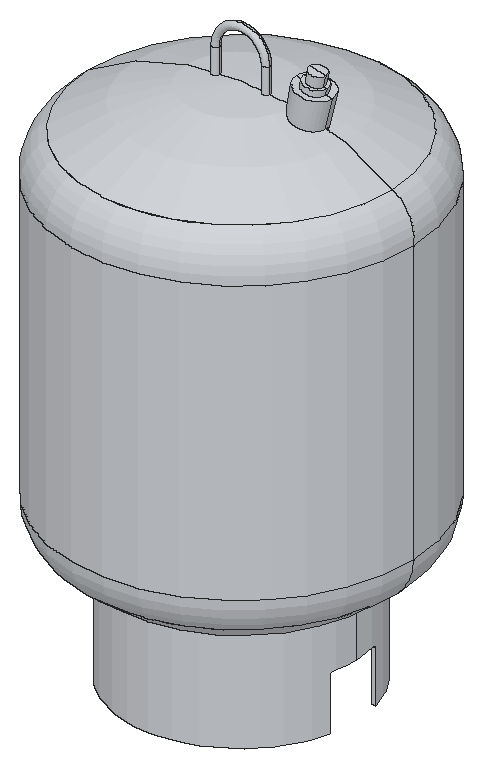
Revit family
Parameters (values of type "ST-200-L 150# W.P. 10 BAR")
  Weight = "198 lbs"
  Tank Volume = "53 Gal"
  Tank Height/Length = 36.969"
  Tank Diameter = 24.000"
  Side Lifting Ring Location = Shell Length / 2  # 9.2815"
  Shell Length = 18.563"
  Pipe Connector Diameter = Pipe Connection Radius * 2  # 1.000"
  Pipe Connection Radius = 0.500"
  Model = "ST-200-L"
  Maximum Acceptance Volume = "27 Gal"
  Max Operating Temp = "240 DEG F"
  Max Operating Pressure = "150 PSI"
  Manufacturer = "Amtrol"
  Lifting Ring Location = 3.500" / 2  # 1.750"
  Floor to Elbow Centerline = 2.000"
  Floor to Bottom of Tank = 4.000"
  Bladder/Diaphragm = "Bladder"
  ASME = yes
Types (5): name | Weight | Tank Volume | Tank Height/Length | Side Lifting Ring Location | Shell Length | Model | Maximum Acceptance Volume
  (no name) | "198 lbs" | "53 Gal" | 36.969" | 9.2815" | 18.563" | "ST-200-L" | "27 Gal"
  ST-200-L 150# W.P. 10 BAR | "198 lbs" | "53 Gal" | 36.969" | 9.2815" | 18.563" | "ST-200-L" | "27 Gal"
  ST-300-L 150# W.P. 10 BAR | "236 lbs" | "80 Gal" | 52.500" | 16.250" | 32.500" | "ST-300-L" | "27 Gal"
  ST-400-L 150# W.P. 10 BAR | "282 lbs" | "106 Gal" | 65.125" | 23.219" | 46.438" | "ST-400-L" | "53 Gal"
  ST-500-L 150# W.P. 10 BAR | "282 lbs" | "132 Gal" | 78.938" | 30.000" | 60.000" | "ST-500-L" | "53 Gal"
Reference planes (in)
  plane 1 "Center (Front/Back)": y = 0
  plane 2: z = 0
  plane 3 "Center (Left/Right)": x = 0
Forms (in)
  Revolve 1, solid
    sketch origin (0, 0, 0) x (1, 0, 0) y (0, 0, 1)
      loop
        line (-8, 0) -> (-7.75, 0) -> (-7.75, 7.44707) -> (-8, 7.44707) -> (-8, 0)
      axis (0, 0) -> (0, 7.44707)
    angle from 0 to 360
  Revolve 2, solid
    sketch origin (0, 0, 0) x (1, 0, 0) y (0, 0, 1)
      loop
        line (0.6492, 3.3675) -> (0.6492, 4.19707) -> (0, 4.19707) -> (0, 3.3675) -> (0.6492, 3.3675)
      axis (0, 3.3675) -> (0, 4.19707)
    angle from 0 to 360
  Extrusion 3, void
    sketch origin (0, 0, 0) x (0, 1, 0) y (0, 0, 1)
      loop
        line (0, 3.82981) -> (-1.75, 3.82981)
        arc (-1.75, 3.82981) -> (-1.92678, 3.75658) -> (-2, 3.57981) r 0.25
        line (-2, 3.57981) -> (-2, -0.1984) -> (2, -0.1984) -> (2, 3.57981)
        arc (2, 3.57981) -> (1.92678, 3.75658) -> (1.75, 3.82981) r 0.25
        line (1.75, 3.82981) -> (0, 3.82981)
    from 3.88729 to 12
  Sweep 4, solid
    path origin (0, 0, 0) x (1, 0, 0) y (0, 0, 1)
      loop
        line (0, 3.5) -> (0, 3.198)
        arc (0, 3.198) -> (0.35089, 2.35089) -> (1.198, 2) r 1.198
        line (1.198, 2) -> (1.5, 2)
    profile origin (0, 0, 3.349) x (0, -1, 0) y (1, 0, 0)
      loop
        circle (0, 0) r 1
  Revolve 5, solid
    sketch origin (0, 0, 0) x (1, 0, 0) y (0, 0, 1)
      loop
        line (0, 2.813) -> (0.65074, 2.813) -> (0.65074, 4.313) -> (0, 4.313) -> (0, 2.813)
      axis (0, 2.813) -> (0, 4.313)
    angle from 0 to 360
  Revolve 6, solid
    sketch origin (0, 0, 0) x (1, 0, 0) y (0, 0, 1)
      loop
        line (5.96437, 38.55276) -> (5.7183, 38.59615) -> (5.89974, 39.32387) -> (5.33906, 39.46367) -> (4.53454, 35.86226) -> (5.73583, 35.65044) -> (6.34064, 38.07618) -> (5.89421, 38.1549) -> (5.96437, 38.55276)
      axis (4.53454, 35.86226) -> (5.33906, 39.46367)
    angle from 0 to 360
  Sweep 7, solid
    path origin (0.0517, 0, 0.58905) x (1, 0, 0) y (0, 0, 1)
      loop
        line (-1.8017, 36.25051) -> (-1.8017, 38.00051)
        arc (-1.8017, 38.00051) -> (-0.0517, 39.75051) -> (1.6983, 38.00051) r 1.75
        line (1.6983, 38.00051) -> (1.6983, 36.25051)
    profile origin (-1.75, 0, 37.71457) x (-1, 0, 0) y (0, -1, 0)
      loop
        circle (0, 0) r 0.25
  Revolve 8, solid
    sketch origin (0, 0, 0) x (1, 0, 0) y (0, 0, 1)
      loop
        arc (12, 30.95366) -> (11.68437, 32.63964) -> (10.55443, 33.93013) r 3.25
        arc (10.55443, 33.93013) -> (5.51015, 36.25858) -> (0, 36.969) r 18.33177
        line (0, 36.969) -> (0, 4) -> (4.98897, 4) -> (4.98897, 4.49999) -> (4.4445, 4.49999) -> (4.4445, 4.6875) -> (4.98897, 4.6875) -> (4.98897, 5.87292)
        arc (4.98897, 5.87292) -> (5.12168, 5.92789) -> (5.17665, 6.06061) r 0.18768
        arc (5.17665, 6.06061) -> (8.25561, 7.15646) -> (10.94007, 9.02046) r 12.36901
        arc (10.94007, 9.02046) -> (11.72323, 10.10933) -> (12, 11.42173) r 3.25
        line (12, 11.42173) -> (12, 30.95366)
      axis (0, 4) -> (0, 36.969)
    angle from 0 to 360
  Sweep 9, solid
    path origin (0, 0, 0) x (1, 0, 0) y (0, 0, 1)
      loop
        line (-11.93631, 23.42216) -> (-12.93631, 23.42216)
        arc (-12.93631, 23.42216) -> (-14.68631, 21.67216) -> (-12.93631, 19.92216) r 1.75
        line (-12.93631, 19.92216) -> (-11.93631, 19.92216)
    profile origin (-12.43631, 0, 23.42216) x (0, 0, -1) y (0, -1, 0)
      loop
        circle (0, 0) r 0.25
Cuts and joins
  Extrusion 3 cuts Revolve 1
  Extrusion 3 cuts Revolve 2
Dimensions and locks (in)
  "Floor to Elbow Centerline": Sweep 4 sketch curve to cut or joined group of Revolve 1, Extrusion 3
  "Floor to Bottom of Tank": Revolve 8 sketch curve to cut or joined group of Revolve 1, Extrusion 3
  "Tank Height/Length": Revolve 8 sketch curve to level
  Revolve 8 sketch curve to Revolve 8 sketch curve = 15.08177"
  Revolve 6 sketch curve to Revolve 8 = 4.69679"
  Revolve 6 sketch curve to Revolve 8 = 4.90861"
  Revolve 6 sketch curve to Revolve 6 sketch curve = 2.49391"
  Revolve 6 sketch curve to Revolve 6 sketch curve = 2.89791"
  Revolve 6 sketch curve to Revolve 6 sketch curve = 3.64608"
  "Lifting Ring Location": plane 3 "Center (Left/Right)" to Sweep 7 sketch curve
  Sweep 7 sketch curve to Revolve 8 = 5.88591"  (x2)
  "Side Lifting Ring Location": Revolve 8 to Sweep 9 sketch curve
  radius of Revolve 8 sketch curve = 18.33177"
  radius of Revolve 8 sketch curve = 3.250"
  aligned and locked: import instance to plane 3 "Center (Left/Right)"
  aligned and locked: import instance to plane 1 "Center (Front/Back)"
Automatic sketch dimensions
  Revolve 2 sketch curve to plane 3 "Center (Left/Right)" = 0.000"  (x2)
  plane 3 "Center (Left/Right)" to Revolve 2 sketch curve = 0.6492"
  level to Revolve 2 sketch curve = 3.3675"
  Revolve 2 sketch curve to Revolve 2 sketch curve = 0.000"
  Revolve 2 sketch curve to Revolve 2 sketch curve = 0.82957"
  Revolve 2 sketch curve to Revolve 2 sketch curve = 1.25068"
  Sweep 4 sketch curve to plane 3 "Center (Left/Right)" = 0.000"
  Sweep 4 sketch curve to Sweep 4 sketch curve = 1.198"
  Sweep 4 sketch curve to Sweep 4 sketch curve = 0.302"  (x2)
  plane 1 "Center (Front/Back)" to Sweep 4 sketch curve = 0.000"
  Sweep 4 sketch curve to profile plane = 0.000"
  Revolve 5 sketch curve to plane 3 "Center (Left/Right)" = 0.000"  (x2)
  plane 3 "Center (Left/Right)" to Revolve 5 sketch curve = 0.65074"
  level to Revolve 5 sketch curve = 2.813"
  Revolve 5 sketch curve to Revolve 5 sketch curve = 0.000"
  Revolve 5 sketch curve to Revolve 5 sketch curve = 1.500"
  Revolve 5 sketch curve to Revolve 5 sketch curve = 0.500"
  plane 3 "Center (Left/Right)" to Sweep 7 sketch curve = 0.000"
  Sweep 7 sketch curve to Sweep 7 sketch curve = 1.750"
  plane 1 "Center (Front/Back)" to Sweep 7 sketch curve = 0.000"
  Sweep 7 sketch curve to profile plane = 0.000"
  Revolve 1 sketch curve to level = 0.000"  (x2)
  Revolve 1 sketch curve to plane 3 "Center (Left/Right)" = 0.000"
  Revolve 1 sketch curve to plane 3 "Center (Left/Right)" = 7.750"
  Revolve 1 sketch curve to Revolve 1 sketch curve = 0.250"
  level to Revolve 1 sketch curve = 7.44707"
  Revolve 1 sketch curve to Revolve 1 sketch curve = 1.05293"
  Revolve 8 sketch curve to plane 3 "Center (Left/Right)" = 0.000"  (x2)
  plane 3 "Center (Left/Right)" to Revolve 8 sketch curve = 0.43805"
  Revolve 8 sketch curve to Revolve 8 sketch curve = 2.16694"
  plane 3 "Center (Left/Right)" to Revolve 8 sketch curve = 4.4445"
  Revolve 8 sketch curve to Revolve 8 sketch curve = 0.54447"
  Revolve 8 sketch curve to Revolve 8 sketch curve = 0.000"  (x3)
  Revolve 8 sketch curve to Revolve 8 sketch curve = 0.18768"
  Revolve 8 sketch curve to Revolve 8 sketch curve = 3.57335"
  plane 3 "Center (Left/Right)" to Revolve 8 sketch curve = 8.76092"
  Revolve 8 sketch curve to Revolve 8 sketch curve = 2.19007"
  Revolve 8 sketch curve to Revolve 8 sketch curve = 1.05993"
  Revolve 8 sketch curve to Revolve 8 sketch curve = 0.49999"
  Revolve 8 sketch curve to Revolve 8 sketch curve = 0.18751"
  Revolve 8 sketch curve to Revolve 8 sketch curve = 1.18542"
  Revolve 8 sketch curve to Revolve 8 sketch curve = 8.031"
  plane 3 "Center (Left/Right)" to Revolve 6 sketch curve = 4.3845"
  Revolve 6 sketch curve to Revolve 6 sketch curve = 0.15003"
  Revolve 6 sketch curve to Revolve 6 sketch curve = 0.80453"
  Revolve 6 sketch curve to Revolve 6 sketch curve = 0.19071"
  Revolve 6 sketch curve to Revolve 6 sketch curve = 0.37924"
  Revolve 6 sketch curve to Revolve 6 sketch curve = 0.17591"
  Revolve 6 sketch curve to Revolve 6 sketch curve = 0.56068"
  Revolve 6 sketch curve to Revolve 6 sketch curve = 0.24607"
  Revolve 6 sketch curve to Revolve 6 sketch curve = 0.44642"
  Revolve 6 sketch curve to Revolve 6 sketch curve = 0.4598"
  Revolve 6 sketch curve to Revolve 6 sketch curve = 0.07872"
  Revolve 6 sketch curve to Revolve 6 sketch curve = 0.85371"
  Extrusion 3 sketch curve to plane 1 "Center (Front/Back)" = 0.000"
  plane 1 "Center (Front/Back)" to Extrusion 3 sketch curve = 1.750"
  Extrusion 3 sketch curve to Extrusion 3 sketch curve = 0.250"
  Extrusion 3 sketch curve to plane 1 "Center (Front/Back)" = 1.750"
  Extrusion 3 sketch curve to level = 0.1984"
  Extrusion 3 sketch curve to plane 1 "Center (Front/Back)" = 2.000"
  level to Extrusion 3 sketch curve = 3.57981"
  Sweep 9 sketch curve to plane 3 "Center (Left/Right)" = 12.93631"
  Sweep 9 sketch curve to Sweep 9 sketch curve = 1.000"  (x2)
  Sweep 9 sketch curve to Sweep 9 sketch curve = 1.750"
  Sweep 9 sketch curve to plane 1 "Center (Front/Back)" = 0.000"
  Sweep 9 sketch curve to profile plane = 0.000"
  radius of Sweep 4 sketch curve = 1.000"
  radius of Sweep 7 sketch curve = 0.250"
  radius of Sweep 9 sketch curve = 0.250"
Connectors (in)
  piping at (1.5, 0, 2), driven by "Pipe Connection Radius"
    settings: on Sweep 4, index 1
